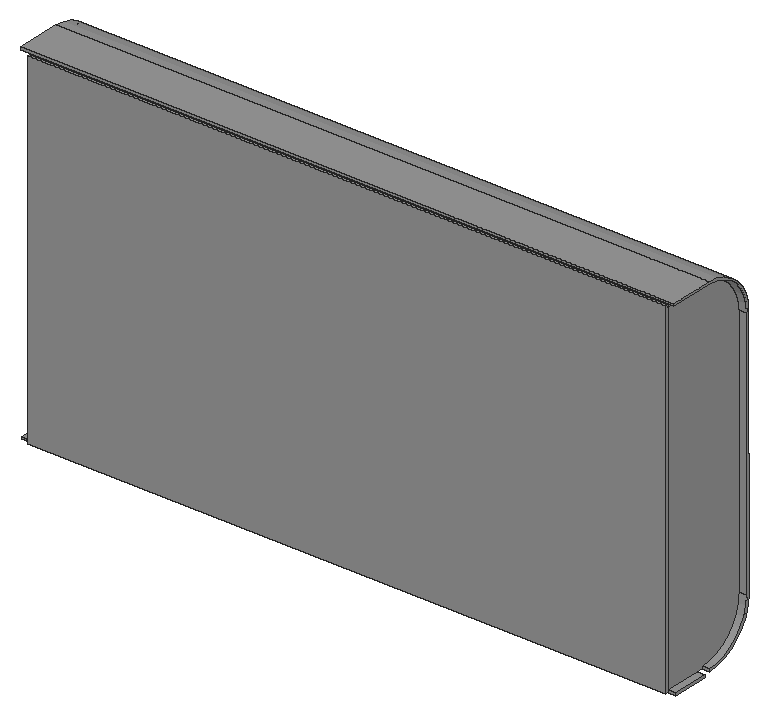
Revit family "3255 Bj+Ârk_Baby change unit paper dispenser", category Furniture Systems, host Wall, Revit 2018
Family settings
  Host = Wall
  Round Connector Dimension = Use Diameter
  Part Type = Normal
  Always vertical = Yes
  Cut with Voids When Loaded = No
  Shared = No
  Room Calculation Point = No
Parameters (values of type "WHITE")
  Surface Front = BLACK
  Surface Back = BLACK
Reference planes
  plane 1 "Wall": y = 0
  plane 2 "Center (Left/Right)": x = 125
  plane 3 "Back": y = 75
Text (mm)
  text "Placement Side" at (-1848.837, 1116.779, 0), in view "Ref. Level"
  text "Placement side" at (0, 1409.804, 2854.306), in view "Left"
  text "Placement side" at (0, 499.811, 2980.732), in view "Right"
Dimensions and locks
  locked: plane 3 "Back" to host wall
  aligned and locked: plane 1 "Wall" to host wall
  aligned and locked: nested 1 to plane 3 "Back"
Nested families
  nested 1: "Master 3250 Baby change unit paper dispenser" at (125, 75, 1200) x (-1, 0, 0) z (0, 0, 1), type "Master 3250 Baby change unit paper dispenser"
Definition of nested family "Master 3250 Baby change unit paper dispenser"
  Parameters (values of type "Master 3250 Baby change unit paper dispenser")
    Surface Front = none
    Surface Back = none
    Model = "Björk Baby change unit dispenser - 3250"
    Manufacturer = "Dan Dryer"
    Description = "Baby change unit dispenser"
    Cost = 0
  Reference planes
    plane 1 "Center (Front/Back)": y = 0
    plane 2: z = 0
    plane 3 "Center (Left/Right)": x = 0
  Dimensions and locks
    aligned and locked: level to plane 2
    aligned and locked: level to nested 2
    aligned and locked: level to nested 1
    aligned and locked: plane 3 "Center (Left/Right)" to nested 2
    aligned and locked: nested 2 to nested 1
    aligned and locked: plane 1 "Center (Front/Back)" to nested 1
    aligned and locked: nested 2 to plane 1 "Center (Front/Back)"
  Nested families
    nested 1: "Bagplade Komponent" at (0, 0, -1.5), type "Bagplade Komponent"
    nested 2: "Forplade Komponent lukket" at (0, -13.483, 0), type "Forplade Komponent lukket"
  Definition of nested family "Bagplade Komponent"
    Parameters (values of type "Bagplade Komponent")
      Surface Back = none
      Materiale = none
    Reference planes
      plane 1 "Center (Front/Back)": y = 0
      plane 2: z = 0
      plane 3 "Center (Left/Right)": x = 0
    Forms (mm)
      Extrusion 1, solid, material <- "Surface Back"
        sketch origin (0, 0, 79) x (1, 0, 0) y (0, 0, 1)
          loop
            line (-200, -79) -> (200, -79) -> (200, 139) -> (-200, 139) -> (-200, -79)
        from 0 to 1.5
      Extrusion 2, solid, material <- "Surface Back"
        sketch origin (-200, 0, 188) x (0, 0, -1) y (0, -1, 0)
          loop
            line (186.5, 1.5) -> (186.5, 28)
            arc (186.5, 28) -> (178.006, 48.506) -> (157.5, 57) r 29
            line (157.5, 57) -> (-1, 57)
            arc (-1, 57) -> (-21.506, 48.506) -> (-30, 28) r 29
            line (-30, 28) -> (-30, 13.5) -> (-28.5, 13.5) -> (-28.5, 1.5) -> (186.5, 1.5)
        from 0 to -1.5
      Extrusion 3, solid, material <- "Surface Back"
        sketch origin (198.5, 0, 188) x (0, 0, -1) y (0, -1, 0)
          loop
            line (186.5, 1.5) -> (186.5, 28)
            arc (186.5, 28) -> (178.006, 48.506) -> (157.5, 57) r 29
            line (157.5, 57) -> (-1, 57)
            arc (-1, 57) -> (-21.506, 48.506) -> (-30, 28) r 29
            line (-30, 28) -> (-30, 13.5) -> (-28.5, 13.5) -> (-28.5, 1.5) -> (186.5, 1.5)
        from 0 to -1.5
      Extrusion 4, solid, material <- "Surface Back"
        sketch origin (200, 0, 218) x (-1, 0, 0) y (0, -1, 0)
          loop
            line (400, 1.5) -> (400, 13.5) -> (0, 13.5) -> (0, 1.5) -> (400, 1.5)
        from 0 to -1.5
      Extrusion 5, solid, material <- "Surface Back"
        sketch origin (-200, 0, 0) x (0, -1, 0) y (-1, 0, 0)
          loop
            line (1.5, 5) -> (1.5, -32) -> (24.5, -32) -> (24.5, 5) -> (1.5, 5)
        from 0 to -1.5
      Extrusion 6, solid, material <- "Surface Back"
        sketch origin (200, 0, 0) x (0, 1, 0) y (1, 0, 0)
          loop
            line (-1.5, 5) -> (-24.5, 5) -> (-24.5, -32) -> (-1.5, -32) -> (-1.5, 5)
        from 0 to -1.5
      Extrusion 7, solid, material <- "Surface Back"
        sketch origin (-200, 0, 0) x (0, -1, 0) y (-1, 0, 0)
          loop
            line (1.5, -61) -> (1.5, -339) -> (8.5, -339) -> (8.5, -61) -> (1.5, -61)
        from 0 to -1.5
    Dimensions and locks
      aligned and locked: level to plane 2
  Definition of nested family "Forplade Komponent lukket"
    Parameters (values of type "Forplade Komponent lukket")
      Surface Front = none
    Reference planes
      plane 1 "Center (Front/Back)": y = 0
      plane 2: z = 0
      plane 3 "Center (Left/Right)": x = 0
    Forms (mm)
      Extrusion 1, solid, material <- "Surface Front"
        sketch origin (0, 0, 79.75) x (0, 1, 0) y (0, 0, 1)
          loop
            arc (-14.5, -78.25) -> (-35.006, -69.756) -> (-43.5, -49.25) r 29
            line (-43.5, -49.25) -> (-43.5, 109.25)
            arc (-43.5, 109.25) -> (-35.006, 129.756) -> (-14.5, 138.25) r 29
            line (-14.5, 138.25) -> (13.483, 138.25) -> (13.483, 139.75) -> (-14.5, 139.75)
            arc (-14.5, 139.75) -> (-36.067, 130.817) -> (-45, 109.25) r 30.5
            line (-45, 109.25) -> (-45, -49.25)
            arc (-45, -49.25) -> (-36.067, -70.817) -> (-14.5, -79.75) r 30.5
            line (-14.5, -79.75) -> (-14.5, -78.25)
        from -205 to 205
      Extrusion 2, void
        sketch origin (0, 0, 79.75) x (1, 0, 0) y (0, 0, 1)
          loop
            line (-165, -8.116) -> (164.987, -8.116)
            arc (164.987, -8.116) -> (174.987, 1.884) -> (164.987, 11.884) r 10
            line (164.987, 11.884) -> (-165, 11.884)
            arc (-165, 11.884) -> (-175, 1.884) -> (-165, -8.116) r 10
        from 31.755 to 69.02
      Extrusion 3, solid
        sketch origin (0, -45, -42) x (0, 0, 1) y (-1, 0, 0)
          loop
            circle (214.218, 0) r 15
        from 0 to 20
    Cuts and joins
      Extrusion 2 cuts Extrusion 1
    Lines and regions (mm)
      model lines
        curve 1: line (0, -11, -58.5) -> (0, -11, -60)
    Dimensions and locks
      aligned and locked: level to plane 2
